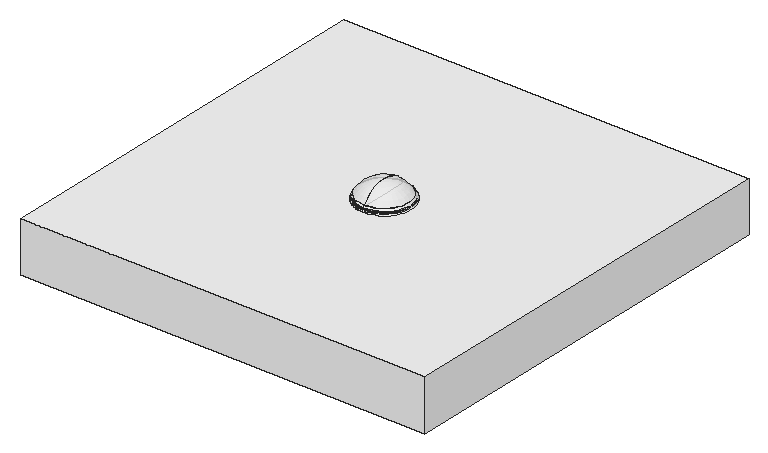
Revit family "Sarlam_Eclairage_Hublot_Astreo_T1_Diam_330mm_1400Lm", category Luminaires, Revit 2020
Family settings
  Hôte = Face
  Cote de connecteur circulaire = Utiliser le diamètre
  Type d'élément = Normal
  Couper avec des vides une fois chargée = Non
  Source d'éclairage = Oui
  Partagée = Non
  Point de calcul de pièce = Non
Parameters (values of type "Détection BLANC")
  Zone plafond formes 8à9 [instance] = and(Diamètre externe = 328 mm, or(Standard Forme 8), not([Afficher la zone de détection-pose murale]), [Afficher la zone de détection-pose plafond])  # no
  Zone murale formes 8à9 [instance] = and(Diamètre externe = 328 mm, or(Standard Forme 8), [Afficher la zone de détection-pose murale], not([Afficher la zone de détection-pose plafond]))  # no
  Zone de détection = "Détection à 2,5m haut Plafond: Ø12m maxi Mur: Ellipse 10*8m"
  URL = "http://www.legrandoc.com/SL532187"
  Type de variation = "Non régulable"
  Type de tension = "CA"
  Tension nominale (Un) V MIN = 207
  Tension nominale (Un) V MAX = 253
  built-in parameter 1150107 = 3200 (stored number, unit not read)
  Température de couleur K MIN = 4000
  Température de couleur K MAX = 4000
  Standard Forme 8 = yes
  Source lumineuse = "Led non interchangeable"
  Répartition lumineuse = "Symétrique"
  Puissance du système W = 16
  Puissance de la source lumineuse W = ""
  Puissance de la lampe en Multiwatt = "Autre"
  Wattage = 9.2903 W
  built-in parameter 1150110 = 1 (stored number, unit not read)
  built-in parameter 1150109 = 1 (stored number, unit not read)
  built-in parameter 1114218 = 1 (stored number, unit not read)
  built-in parameter 1150113 = 1 (stored number, unit not read)
  built-in parameter 1150112 = 1 (stored number, unit not read)
  built-in parameter 1150137 = (empty or 0)
  built-in parameter 1150132 = (empty or 0)
  Modèle = "SL-532187"
  Longueur d'encastrement = 0 mm
  Longueur = 328 mm
  Largeur d'encastrement = 328 mm
  Largeur = 328 mm
  built-in parameter 1150105 = 109.82 (stored number, unit not read)
  built-in parameter 1150102 = (empty or 0)
  Hauteur/profondeur d'encastrement = 0 mm
  Hauteur/profondeur = 107 mm
  Dimming Lamp Color Temperature Shift = (empty or 0)
  Lumens = 1380 lm
  Color Filter = 16777215
  Fichier de distribution photométrique = "SL532182.ies"
  built-in parameter 1114217 = 1 (stored number, unit not read)
  built-in parameter 1150139 = (empty or 0)
  Fabricant = "LEGRAND"
  Emettre à partir du diamètre du cercle = 250 mm
  Emettre la visibilité des formes dans le rendu = no
  built-in parameter 1150104 = 13.8 (stored number, unit not read)
  built-in parameter 1150106 = 1.0982 (stored number, unit not read)
  built-in parameter 1150115 = 1 (stored number, unit not read)
  built-in parameter 1150114 = 1 (stored number, unit not read)
  Diamètre externe = 328 mm
  Diamètre d'encastrement = 0 mm
  Description = "ASTREO 1400LM 4000K  STANDARD DETECTION BLANC"
  built-in parameter 1150138 = (empty or 0)
  built-in parameter 1150134 = 3
  Condition Générale d'Utilisation = "https://export.legrand.com/CGU-objets-BIM"
  Angle de l'inclinaison = 0.00°
  Afficher la zone de détection-pose plafond [instance] = no
  Afficher la zone de détection-pose murale [instance] = no
  Matériau du boîtier/corps = Plastique
  Indice de rendu des couleurs CRI = "80-89"
  Indice de protection contre les chocs (IK) = "IK07"
  Indice de protection (IP) = "IP44"
  Flux lumineux utile lm = 1400
  Default Elevation = 2500 mm
  Douille = "Sans"
  Courant nominal mA MIN = 84
  Courant nominal mA MAX = 160
  Couleur du boîtier/corps = LEGRAND - Blanc
  Classe de protection = "II"
  Avec détecteur de mouvement = yes
  Avec détecteur crépusculaire = no
  Appareillage = "Appareil à LED commandé en courant"
  Angle du faisceau = "Faisceau libre"
  Afficher l'étiquette de zone [instance] = no
  Adapté à une suspension = no
  Adapté à un montage encastré = no
  Adapté à un montage en saillie = yes
  Adapté à un montage en applique = yes
  Adapté à un montage au plafond = yes
  built-in parameter 1150133 = 10 (stored number, unit not read)
Types (4, lengths in mm): name | Zone de détection | URL | Puissance du système W | Modèle | Description | Couleur du boîtier/corps | Avec détecteur de mouvement
  ON/OFF BLANC | "" | "http://www.legrandoc.com/SL532182" | 15 | "SL-532182" | "ASTREO 1400LM 4000K  STANDARD ON/OFF BLANC" | LEGRAND - Blanc | no
  ON/OFF ANTHRACITE | "" | "http://www.legrandoc.com/SL532183" | 15 | "SL-532183" | "ASTREO 1400LM 4000K  STANDARD ON/OFF ANTHRACITE" | LEGRAND - Anthracite | no
  Détection BLANC | "Détection à 2,5m haut Plafond: Ø12m maxi Mur: Ellipse 10*8m" | "http://www.legrandoc.com/SL532187" | 16 | "SL-532187" | "ASTREO 1400LM 4000K  STANDARD DETECTION BLANC" | LEGRAND - Blanc | yes
  Détection ANTHRACITE | "Détection à 2,5m haut Plafond: Ø12m maxi Mur: Ellipse 10*8m" | "http://www.legrandoc.com/SL532188" | 16 | "SL-532188" | "ASTREO 1400LM 4000K  STANDARD DETECTION ANTHRACITE" | LEGRAND - Anthracite | yes
Reference planes
  plane 1 "Centre (avant/arrière)": y = 0
  plane 2: z = 0
  plane 3 "Centre (gauche/droite)": x = 0
  plane 4: z = 127
Forms (mm)
  Extrusion 1, solid, material "Blanc"
    sketch origin (0, 0, 0) x (1, 0, 0) y (0, 1, 0)
      loop
        line (-1219.2, 1219.2) -> (-1219.2, -1219.2) -> (1219.2, -1219.2) -> (1219.2, 1219.2) -> (-1219.2, 1219.2)
    from 0 to -304.8
Lines and regions (mm)
  model lines, not visible
    curve 1: line (0, 0, 0) -> (0, 0, 2230)
    curve 2: line (0, 0, 0) -> (0, 3300, 0)
    curve 3: line (0, 0, 0) -> (-2620, 0, 0)
Dimensions and locks
  level to plane 4 = 127 mm
  aligned and locked: plane 2 to Extrusion 1
  aligned and locked: level to Extrusion 1
  aligned and locked: imposter light to plane 4
  aligned and locked: plane 3 "Centre (gauche/droite)" to imposter light
Nested families
  nested 1: "Zone de détection murale Chartres-Astreo" at (0, 0, 0) x (0, 0, 1) z (0, -1, 0), visible <- "Afficher la zone de détection-pose murale", type "Zone de détection murale"
  nested 2: "Formes 1-2-3-4-6-7-8-9" at (0, 0, 0), type "Formes"
    with Standard Forme 8 yes
  nested 3: "Zone de détection plafond Chartres-Astreo" at (0, 0, 2500), visible <- "Afficher la zone de détection-pose plafond", type "Zone de détection plafond"
    with Zone plafond Formes 8à9 no
  nested 4: "Zone de détection murale Chartres-Astreo" at (0, 0, 0) x (0, 0, 1) z (1, 0, 0), visible <- "Afficher la zone de détection-pose murale", type "Zone de détection murale"
  nested 5: "Etiquette de zone" at (0, 424.442, 0), visible <- "Afficher l'étiquette de zone", type "Etiquette de zone"
Connectors
  electrical at (0, 0, 0)
    settings: on nested 2, index 1, voltage 230 V, apparent load 0 VA, apparent load phase1 0 VA, apparent load phase2 0 VA, apparent load phase3 0 VA, power factor 1, load classification "Eclairage", number of poles 1, system type 30, power factor state 1, is connector primary yes, connector utility no, sub classification motor no, connector description ""
Definition of nested family "Formes 1-2-3-4-6-7-8-9"
  Parameters (values of type "Formes")
    Standard Forme 8 = no
    Standard Formes 1-3-6 = no
    Matériau hublot = none
    Matériau corps = none
    Fl = if(Diamètre total < 325 mm, 70 mm, if(Diamètre total = 328 mm, 107 mm, 90 mm))  # 107 mm
    Default Elevation = 0 mm
    Dimension hublot = if(Diamètre total = 300 mm, 121.1 mm, if(Diamètre total = 322 mm, 129.3 mm, if(Diamètre total = 328 mm, 148.6 mm, if(Diamètre total = 420 mm, 179.2 mm, 185.3 mm))))  # 148.6 mm
    Diamètre total = 328 mm
    Courbure = if(Diamètre total = 300 mm, 195.7 mm, if(Diamètre total = 322 mm, 220.2 mm, if(Diamètre total = 328 mm, 179.2 mm, if(Diamètre total = 420 mm, 290 mm, 307.8 mm))))  # 179.2 mm
    Couleur corps = none
    Antivandale Forme 9 = no
    Antivandale Formes 2-4-7 = no
  Reference planes
    plane 1 "Centre (avant/arrière)": y = 0
    plane 2: z = 0
    plane 3 "Centre (gauche/droite)": x = 0
    plane 4: y = 164
    plane 5: y = -164
    plane 6: y = 148.6
  Forms (mm)
    Revolve 1, solid, material <- "Matériau hublot"
      sketch origin (0, 0, 0) x (0, 0, -1) y (0, 1, 0)
        loop
          arc (-28, 148.6) -> (-86.03, 84.151) -> (-107, 0) r 179.2
          line (-107, 0) -> (-28, 0) -> (-28, 148.6)
        axis (-28, 0) -> (-107, 0)
      angle from 0 to 360
  Dimensions and locks
    equal spacing: plane 4, plane 1 "Centre (avant/arrière)", plane 5
    "Diamètre total": plane 4 to plane 5
    equal spacing: plane 5, plane 1 "Centre (avant/arrière)", plane 4
    "Dimension hublot": plane 1 "Centre (avant/arrière)" to plane 6
    "Fl": Revolve 1 sketch curve to plane 2
    "Courbure": radius of Revolve 1 sketch curve
    aligned and locked: level to plane 2
    aligned and locked: plane 6 to Revolve 1 sketch curve
    aligned and locked: plane 2 to nested 2
  Automatic sketch dimensions
    Revolve 1 sketch curve to plane 1 "Centre (avant/arrière)" = 0 mm  (x2)
    level to Revolve 1 sketch curve = 28 mm
    Revolve 1 sketch curve to Revolve 1 sketch curve = 1811.469 mm
    Revolve 1 sketch curve to Revolve 1 sketch curve = 1147.22 mm
  Nested families
    nested 1: "Corps standard Formes 1-3-6" at (0, 0, 0), visible <- "Standard Formes 1-3-6", type "Corps standard Formes 1-3-6"
      with Diamètre 328 mm
    nested 2: "Corps antivandale Formes 2-4-7" at (0, 0, 0), visible <- "Antivandale Formes 2-4-7", type "Corps antivandale Formes 2-4-7"
      with Diamètre 328 mm
    nested 3: "Corps standard Forme 8" at (0, 0, 0), visible <- "Standard Forme 8", type "Corps standard Forme 8"
    nested 4: "Corps antivandale Forme 9" at (0, 0, 0), visible <- "Antivandale Forme 9", type "Corps antivandale Forme 9"
  Definition of nested family "Corps standard Formes 1-3-6"
    Parameters (values of type "Corps standard")
      Matériau corps = none
      Default Elevation = 0 mm
      Couleur corps = none
      Diamètre = 322 mm
      Courbure = if(Diamètre < 400 mm, 195.7 mm, 290 mm)  # 195.7 mm
    Reference planes
      plane 1 "Centre (avant/arrière)": y = 0
      plane 2: z = 0
      plane 3 "Centre (gauche/droite)": x = 0
      plane 4: y = 161
      plane 5: y = -161
      plane 6: z = 28
    Forms (mm)
      Revolve 1, solid, material <- "Couleur corps"
        sketch origin (0, 0, 0) x (0, 0, -1) y (0, 1, 0)
          loop
            line (0, 0) -> (0, 161)
            arc (0, 161) -> (-14.55, 149.906) -> (-28, 137.502) r 195.7
            line (-28, 137.502) -> (-28, 0) -> (0, 0)
          axis (0, 0) -> (-28, 0)
        angle from 0 to 360
    Dimensions and locks
      equal spacing: plane 4, plane 1 "Centre (avant/arrière)", plane 5
      "Diamètre": plane 4 to plane 5
      equal spacing: plane 5, plane 1 "Centre (avant/arrière)", plane 4
      "Courbure": radius of Revolve 1 sketch curve
      aligned and locked: level to plane 2
      aligned and locked: plane 2 to Revolve 1  (x2)
      aligned and locked: Revolve 1 to plane 2
      aligned and locked: plane 6 to Revolve 1
    Automatic sketch dimensions
      Revolve 1 sketch curve to plane 1 "Centre (avant/arrière)" = 0 mm  (x3)
      Revolve 1 sketch curve to plane 6 = 0 mm
      Revolve 1 sketch curve to level = 0 mm
      Revolve 1 sketch curve to plane 4 = 0 mm
      plane 6 to Revolve 1 sketch curve = 1833.51 mm
      Revolve 1 sketch curve to Revolve 1 sketch curve = 1167.217 mm
  Definition of nested family "Corps antivandale Formes 2-4-7"
    Parameters (values of type "Corps antivandale")
      Rayon réseau vis = if(Diamètre < 400 mm, 137.2 mm, 193.2 mm)  # 137.2 mm
      Matériau corps = none
      Default Elevation = 0 mm
      Diamètre = 322 mm
      Courbure = if(Diamètre < 400 mm, 220.2 mm, 307.8 mm)  # 220.2 mm
      Couleur corps = none
    Reference planes
      plane 1 "Centre (avant/arrière)": y = 0
      plane 2: z = 0
      plane 3 "Centre (gauche/droite)": x = 0
      plane 4: y = 161
      plane 5: y = -161
      plane 6: z = 28
      plane 7: through (0, 0, 1200) normal (0.5, 0.866, 0)
      plane 8: through (0, 0, 1200) normal (0.5, -0.866, 0)
    Forms (mm)
      Revolve 1, solid, material <- "Couleur corps"
        sketch origin (0, 0, 0) x (0, 0, -1) y (0, 1, 0)
          loop
            line (0, 0) -> (0, 161)
            arc (0, 161) -> (-14.762, 145.835) -> (-28, 129.323) r 220.2
            line (-28, 129.323) -> (-28, 0) -> (0, 0)
          axis (0, 0) -> (-28, 0)
        angle from 0 to 360
      Extrusion 2, solid, material <- "Couleur corps"
        sketch origin (0, -0.04, 0) x (1, 0, 0) y (0, 1, 0)
          loop
            line (-4, 129.32) -> (-4, 137.3)
            arc (-4, 137.3) -> (0, 141.3) -> (4, 137.3) r 4
            line (4, 137.3) -> (4, 129.32)
            arc (4, 129.32) -> (5, 129.285) -> (6, 129.243) r 129.323
            line (6, 129.243) -> (6, 137.3)
            arc (6, 137.3) -> (0, 143.3) -> (-6, 137.3) r 6
            line (-6, 137.3) -> (-6, 129.243)
            arc (-6, 129.243) -> (-5, 129.285) -> (-4, 129.32) r 129.323
        from 15.189 to 28
      Extrusion 3, solid, material <- "Couleur corps"
        sketch origin (-0.035, 0.02, 0) x (-0.5, -0.866025, 0) y (0.866025, -0.5, 0)
          loop
            line (-4, 129.32) -> (-4, 137.3)
            arc (-4, 137.3) -> (0, 141.3) -> (4, 137.3) r 4
            line (4, 137.3) -> (4, 129.32)
            arc (4, 129.32) -> (5, 129.285) -> (6, 129.243) r 129.323
            line (6, 129.243) -> (6, 137.3)
            arc (6, 137.3) -> (0, 143.3) -> (-6, 137.3) r 6
            line (-6, 137.3) -> (-6, 129.243)
            arc (-6, 129.243) -> (-5, 129.285) -> (-4, 129.32) r 129.323
        from 15.189 to 28
      Extrusion 4, solid, material <- "Couleur corps"
        sketch origin (0.035, 0.02, 0) x (-0.5, 0.866025, 0) y (-0.866025, -0.5, 0)
          loop
            line (-4, 129.32) -> (-4, 137.3)
            arc (-4, 137.3) -> (0, 141.3) -> (4, 137.3) r 4
            line (4, 137.3) -> (4, 129.32)
            arc (4, 129.32) -> (5, 129.285) -> (6, 129.243) r 129.323
            line (6, 129.243) -> (6, 137.3)
            arc (6, 137.3) -> (0, 143.3) -> (-6, 137.3) r 6
            line (-6, 137.3) -> (-6, 129.243)
            arc (-6, 129.243) -> (-5, 129.285) -> (-4, 129.32) r 129.323
        from 15.189 to 28
      Revolve 5, solid
        sketch origin (0, 0.018, -12.656) x (0, 1, 0) y (0, 0, 1)
          loop
            line (136.525, 38.942) -> (136.525, 29.094) -> (136.962, 29.907) -> (137.751, 35.518) -> (140.148, 38.942) -> (136.525, 38.942)
          axis (136.525, 29.094) -> (136.525, 38.942)
        angle from 0 to 360
      Revolve 6, solid
        sketch origin (0.016, -0.009, -12.656) x (0.866025, -0.5, 0) y (0, 0, 1)
          loop
            line (136.525, 38.942) -> (136.525, 29.094) -> (136.962, 29.907) -> (137.751, 35.518) -> (140.148, 38.942) -> (136.525, 38.942)
          axis (136.525, 29.094) -> (136.525, 38.942)
        angle from 0 to 360
      Revolve 7, solid
        sketch origin (-0.016, -0.009, -12.656) x (-0.866025, -0.5, 0) y (0, 0, 1)
          loop
            line (136.525, 38.942) -> (136.525, 29.094) -> (136.962, 29.907) -> (137.751, 35.518) -> (140.148, 38.942) -> (136.525, 38.942)
          axis (136.525, 29.094) -> (136.525, 38.942)
        angle from 0 to 360
    Cuts and joins
      joined: Revolve 1, Extrusion 2
    Lines and regions (mm)
      model lines
        curve 1: line (-2.5, 136.543, 26.285) -> (2.5, 136.543, 26.285)
        curve 2: line (0, 138.995, 26.285) -> (0, 133.995, 26.285)
        curve 3: line (119.5, -66.107, 26.285) -> (117, -70.437, 26.285)
        curve 4: line (120.373, -69.497, 26.285) -> (116.043, -66.997, 26.285)
        curve 5: line (-117, -70.437, 26.285) -> (-119.5, -66.107, 26.285)
        curve 6: line (-120.373, -69.497, 26.285) -> (-116.043, -66.997, 26.285)
    Dimensions and locks
      equal spacing: plane 4, plane 1 "Centre (avant/arrière)", plane 5
      "Diamètre": plane 4 to plane 5
      equal spacing: plane 5, plane 1 "Centre (avant/arrière)", plane 4
      "Courbure": radius of Revolve 1 sketch curve
      "Rayon réseau vis": radius of radial array
      aligned and locked: level to plane 2
      aligned and locked: plane 2 to Revolve 1  (x2)
      aligned and locked: Revolve 1 to plane 2
      aligned and locked: plane 6 to Revolve 1
    Automatic sketch dimensions
      Extrusion 2 sketch curve to Extrusion 2 sketch curve = 0 mm  (x9)
      Extrusion 2 sketch curve to Extrusion 2 sketch curve = 7.98 mm
      Extrusion 2 sketch curve to Extrusion 2 sketch curve = 0.077 mm
      Extrusion 2 sketch curve to Extrusion 2 sketch curve = 2 mm
      Extrusion 2 sketch curve to Extrusion 2 sketch curve = 4 mm
      Extrusion 2 sketch curve to Extrusion 2 sketch curve = 6 mm
      Extrusion 3 sketch curve to Extrusion 3 sketch curve = 0 mm  (x9)
      Extrusion 3 sketch curve to Extrusion 3 sketch curve = 7.98 mm
      Extrusion 3 sketch curve to Extrusion 3 sketch curve = 0.077 mm
      Extrusion 3 sketch curve to Extrusion 3 sketch curve = 2 mm
      Extrusion 3 sketch curve to Extrusion 3 sketch curve = 4 mm
      Extrusion 3 sketch curve to Extrusion 3 sketch curve = 6 mm
      Extrusion 4 sketch curve to Extrusion 4 sketch curve = 0 mm  (x9)
      Extrusion 4 sketch curve to Extrusion 4 sketch curve = 7.98 mm
      Extrusion 4 sketch curve to Extrusion 4 sketch curve = 0.077 mm
      Extrusion 4 sketch curve to Extrusion 4 sketch curve = 2 mm
      Extrusion 4 sketch curve to Extrusion 4 sketch curve = 4 mm
      Extrusion 4 sketch curve to Extrusion 4 sketch curve = 6 mm
      Revolve 7 sketch curve to Revolve 7 sketch curve = 0.437 mm  (x2)
      Revolve 7 sketch curve to Revolve 7 sketch curve = 1.226 mm  (x2)
      Revolve 7 sketch curve to Revolve 7 sketch curve = 2.397 mm
      Revolve 7 sketch curve to Revolve 7 sketch curve = 0.813 mm  (x2)
      Revolve 7 sketch curve to Revolve 7 sketch curve = 5.611 mm  (x2)
      Revolve 7 sketch curve to Revolve 7 sketch curve = 3.424 mm  (x2)
      Revolve 7 sketch curve to Revolve 7 sketch curve = 0 mm  (x2)
      Revolve 7 sketch curve to Revolve 7 sketch curve = 0.975 mm
      Revolve 7 sketch curve to Revolve 7 sketch curve = 3.281 mm  (x2)
      Revolve 5 sketch curve to Revolve 5 sketch curve = 0.437 mm  (x2)
      Revolve 5 sketch curve to Revolve 5 sketch curve = 1.226 mm  (x2)
      Revolve 5 sketch curve to Revolve 5 sketch curve = 3.623 mm
      Revolve 5 sketch curve to Revolve 5 sketch curve = 5.611 mm  (x2)
      Revolve 5 sketch curve to Revolve 5 sketch curve = 3.424 mm  (x2)
      Revolve 5 sketch curve to Revolve 5 sketch curve = 0 mm  (x2)
      Revolve 5 sketch curve to Revolve 5 sketch curve = 0.813 mm  (x2)
      Revolve 5 sketch curve to Revolve 5 sketch curve = 0.162 mm
      Revolve 5 sketch curve to Revolve 5 sketch curve = 3.281 mm  (x2)
      Revolve 6 sketch curve to Revolve 6 sketch curve = 0.437 mm  (x2)
      Revolve 6 sketch curve to Revolve 6 sketch curve = 1.226 mm  (x2)
      Revolve 6 sketch curve to Revolve 6 sketch curve = 3.623 mm
      Revolve 6 sketch curve to Revolve 6 sketch curve = 5.611 mm  (x2)
      Revolve 6 sketch curve to Revolve 6 sketch curve = 3.424 mm  (x2)
      Revolve 6 sketch curve to Revolve 6 sketch curve = 0 mm  (x2)
      Revolve 6 sketch curve to Revolve 6 sketch curve = 0.813 mm  (x2)
      Revolve 6 sketch curve to Revolve 6 sketch curve = 0.162 mm
      Revolve 6 sketch curve to Revolve 6 sketch curve = 3.281 mm  (x2)
      Revolve 7 sketch curve to Revolve 7 sketch curve = 3.623 mm
      Revolve 7 sketch curve to Revolve 7 sketch curve = 0.162 mm
      curve 2 to Revolve 5 = 0 mm
      curve 2 to curve 1 = 2.548 mm
      curve 1 to curve 2 = 2.452 mm
      Revolve 5 to curve 1 = 2.5 mm
      curve 1 to Revolve 5 = 2.5 mm
      curve 4 to Revolve 6 = 0 mm
      curve 4 to curve 3 = 2.548 mm
      curve 3 to curve 4 = 2.452 mm
      Revolve 6 to curve 3 = 2.5 mm
      curve 3 to Revolve 6 = 2.5 mm
      curve 6 to Revolve 7 = 0 mm
      curve 6 to curve 5 = 2.548 mm
      curve 5 to curve 6 = 2.452 mm
      Revolve 7 to curve 5 = 2.5 mm
      curve 5 to Revolve 7 = 2.5 mm
      Revolve 5 sketch curve to Revolve 5 sketch curve = 2.397 mm
      Revolve 5 sketch curve to Revolve 5 sketch curve = 0.975 mm
      Revolve 6 sketch curve to Revolve 6 sketch curve = 2.397 mm
      Revolve 6 sketch curve to Revolve 6 sketch curve = 0.975 mm
      Revolve 1 sketch curve to plane 1 "Centre (avant/arrière)" = 0 mm  (x3)
      Revolve 1 sketch curve to plane 6 = 0 mm
      Revolve 1 sketch curve to level = 0 mm
      Revolve 1 sketch curve to plane 4 = 0 mm
      plane 6 to Revolve 1 sketch curve = 1833.51 mm
      Revolve 1 sketch curve to Revolve 1 sketch curve = 1128.321 mm
  Definition of nested family "Corps standard Forme 8"
    Parameters (values of type "Corps standard Forme 8")
      Matériau corps = none
      Default Elevation = 0 mm
      Couleur corps = none
      Diamètre = 328 mm
    Reference planes
      plane 1 "Centre (avant/arrière)": y = 0
      plane 2: z = 0
      plane 3 "Centre (gauche/droite)": x = 0
      plane 4: y = 164
      plane 5: y = -164
      plane 6: z = 28
      plane 7: y = 7.5
      plane 8: y = -7.5
    Forms (mm)
      Revolve 1, solid, material <- "Couleur corps"
        sketch origin (0, 0, 0) x (0, 0, -1) y (0, 1, 0)
          loop
            line (0, 0) -> (0, 164)
            arc (0, 164) -> (-14.345, 156.905) -> (-28, 148.559) r 179.182
            line (-28, 148.559) -> (-28, 0) -> (0, 0)
          axis (0, 0) -> (-28, 0)
        angle from 0 to 360
      Sweep 2, void
        path origin (0, 0, 0) x (1, 0, 0) y (0, 1, 0)
          loop
            arc (153.049, 7.5) -> (0, 153.232) -> (-153.049, 7.5) r 153.232
        profile origin (0, 153.232, 0) x (0, -1, 0) y (0, 0, 1)
          loop
            line (-5.469, 6.213) -> (-10.469, 16.465) -> (-10.469, 6.213) -> (-5.469, 6.213)
      Sweep 3, void
        path origin (0, 0, 0) x (1, 0, 0) y (0, 1, 0)
          loop
            arc (153.049, 7.5) -> (0, 153.232) -> (-153.049, 7.5) r 153.232
        profile origin (0, 153.232, 0) x (0, -1, 0) y (0, 0, 1)
          loop
            line (-1.643, 13.471) -> (-6.643, 23.723) -> (-6.643, 13.471) -> (-1.643, 13.471)
      Sweep 4, void
        path origin (0, 0, 0) x (1, 0, 0) y (0, -1, 0)
          loop
            arc (153.049, 7.5) -> (0, 153.232) -> (-153.049, 7.5) r 153.232
        profile origin (0, -153.232, 0) x (0, -1, 0) y (0, 0, 1)
          loop
            line (1.643, 13.471) -> (6.643, 13.471) -> (6.643, 23.723) -> (1.643, 13.471)
      Sweep 5, void
        path origin (0, 0, 0) x (1, 0, 0) y (0, -1, 0)
          loop
            arc (153.049, 7.5) -> (0, 153.232) -> (-153.049, 7.5) r 153.232
        profile origin (0, -153.232, 0) x (0, -1, 0) y (0, 0, 1)
          loop
            line (5.469, 6.213) -> (10.469, 6.213) -> (10.469, 16.465) -> (5.469, 6.213)
    Cuts and joins
      Sweep 2, Sweep 3, Sweep 4, Sweep 5 cuts Revolve 1
    Dimensions and locks
      equal spacing: plane 4, plane 1 "Centre (avant/arrière)", plane 5
      "Diamètre": plane 4 to plane 5
      equal spacing: plane 5, plane 1 "Centre (avant/arrière)", plane 4
      aligned and locked: level to plane 2
      aligned and locked: plane 2 to Revolve 1  (x2)
      aligned and locked: Revolve 1 to plane 2
      aligned and locked: plane 6 to Revolve 1
    Automatic sketch dimensions
      Sweep 2 sketch curve to plane 7 = 0 mm  (x2)
      plane 1 "Centre (avant/arrière)" to Sweep 2 sketch curve = 0 mm
      Sweep 2 sketch curve to plane 3 "Centre (gauche/droite)" = 0 mm
      Sweep 2 sketch curve to plane 3 "Centre (gauche/droite)" = 153.049 mm
      Sweep 3 sketch curve to plane 7 = 0 mm  (x2)
      plane 1 "Centre (avant/arrière)" to Sweep 3 sketch curve = 0 mm
      Sweep 3 sketch curve to plane 3 "Centre (gauche/droite)" = 0 mm
      Sweep 3 sketch curve to plane 3 "Centre (gauche/droite)" = 153.049 mm
      Sweep 4 sketch curve to plane 8 = 0 mm  (x2)
      plane 1 "Centre (avant/arrière)" to Sweep 4 sketch curve = 0 mm
      Sweep 4 sketch curve to plane 3 "Centre (gauche/droite)" = 0 mm
      plane 3 "Centre (gauche/droite)" to Sweep 4 sketch curve = 153.049 mm
      Sweep 5 sketch curve to plane 8 = 0 mm  (x2)
      plane 1 "Centre (avant/arrière)" to Sweep 5 sketch curve = 0 mm
      Sweep 5 sketch curve to plane 3 "Centre (gauche/droite)" = 0 mm
      plane 3 "Centre (gauche/droite)" to Sweep 5 sketch curve = 153.049 mm
      Revolve 1 sketch curve to plane 1 "Centre (avant/arrière)" = 0 mm  (x3)
      Revolve 1 sketch curve to plane 6 = 0 mm
      Revolve 1 sketch curve to level = 0 mm
      Revolve 1 sketch curve to plane 4 = 0 mm
      Revolve 1 sketch curve to Revolve 1 sketch curve = 72.182 mm
      plane 6 to Revolve 1 sketch curve = 1833.51 mm
      Revolve 1 sketch curve to Revolve 1 sketch curve = 1201.817 mm
      profile plane to Sweep 2 sketch curve = 10.469 mm
      Sweep 2 sketch curve to Sweep 2 sketch curve = 5 mm
      level to Sweep 2 sketch curve = 6.213 mm
      Sweep 2 sketch curve to Sweep 2 sketch curve = 10.252 mm
      profile plane to Sweep 3 sketch curve = 6.643 mm
      profile plane to Sweep 3 sketch curve = 1.643 mm
      level to Sweep 3 sketch curve = 13.471 mm
      Sweep 3 sketch curve to Sweep 3 sketch curve = 10.252 mm
      Sweep 4 sketch curve to profile plane = 1.643 mm
      Sweep 4 sketch curve to profile plane = 6.643 mm
      level to Sweep 4 sketch curve = 13.471 mm
      Sweep 4 sketch curve to Sweep 4 sketch curve = 10.252 mm
      Sweep 5 sketch curve to profile plane = 5.469 mm
      Sweep 5 sketch curve to profile plane = 10.469 mm
      level to Sweep 5 sketch curve = 6.213 mm
      Sweep 5 sketch curve to Sweep 5 sketch curve = 10.252 mm
  Definition of nested family "Corps antivandale Forme 9"
    Parameters (values of type "Corps antivandale Forme 9")
      Matériau corps = none
      Default Elevation = 0 mm
      Couleur corps = none
      Diamètre = 328 mm
    Reference planes
      plane 1 "Centre (avant/arrière)": y = 0
      plane 2: z = 0
      plane 3 "Centre (gauche/droite)": x = 0
      plane 4: y = 164
      plane 5: y = -164
      plane 6: z = 28
      plane 7: y = 7.5
      plane 8: y = -7.5
    Forms (mm)
      Revolve 1, solid, material <- "Couleur corps"
        sketch origin (0, 0, 0) x (0, 0, -1) y (0, 1, 0)
          loop
            line (0, 0) -> (0, 164)
            arc (0, 164) -> (-14.345, 156.905) -> (-28, 148.559) r 179.182
            line (-28, 148.559) -> (-28, 0) -> (0, 0)
          axis (0, 0) -> (-28, 0)
        angle from 0 to 360
      Extrusion 2, void
        sketch origin (-1.406, 0, 0) x (1, 0, 0) y (0, 1, 0)
          loop
            circle (157.486, 0) r 5
        from 5.665 to 28
      Sweep 3, void
        path origin (0, 0, 0) x (1, 0, 0) y (0, 1, 0)
          loop
            arc (153.049, 7.5) -> (0, 153.232) -> (-153.049, 7.5) r 153.232
        profile origin (0, 153.232, 0) x (0, -1, 0) y (0, 0, 1)
          loop
            line (-5.469, 6.213) -> (-10.469, 16.465) -> (-10.469, 6.213) -> (-5.469, 6.213)
      Extrusion 4, void
        sketch origin (1.406, 0, 0) x (-1, 0, 0) y (0, -1, 0)
          loop
            circle (157.486, 0) r 5
        from 5.665 to 28
      Sweep 5, void
        path origin (0, 0, 0) x (1, 0, 0) y (0, 1, 0)
          loop
            arc (153.049, 7.5) -> (0, 153.232) -> (-153.049, 7.5) r 153.232
        profile origin (0, 153.232, 0) x (0, -1, 0) y (0, 0, 1)
          loop
            line (-1.643, 13.471) -> (-6.643, 23.723) -> (-6.643, 13.471) -> (-1.643, 13.471)
      Sweep 6, void
        path origin (0, 0, 0) x (1, 0, 0) y (0, -1, 0)
          loop
            arc (153.049, 7.5) -> (0, 153.232) -> (-153.049, 7.5) r 153.232
        profile origin (0, -153.232, 0) x (0, -1, 0) y (0, 0, 1)
          loop
            line (1.643, 13.471) -> (6.643, 13.471) -> (6.643, 23.723) -> (1.643, 13.471)
      Sweep 7, void
        path origin (0, 0, 0) x (1, 0, 0) y (0, -1, 0)
          loop
            arc (153.049, 7.5) -> (0, 153.232) -> (-153.049, 7.5) r 153.232
        profile origin (0, -153.232, 0) x (0, -1, 0) y (0, 0, 1)
          loop
            line (5.469, 6.213) -> (10.469, 6.213) -> (10.469, 16.465) -> (5.469, 6.213)
      Revolve 8, solid
        sketch origin (-156.149, -136.533, -30.469) x (0, 1, 0) y (0, 0, 1)
          loop
            line (136.525, 38.942) -> (136.525, 31.651) -> (137.319, 32.445) -> (137.923, 36.741) -> (139.106, 38.942) -> (136.525, 38.942)
          axis (136.525, 31.651) -> (136.525, 38.942)
        angle from 0 to 360
      Revolve 9, solid
        sketch origin (156.149, -136.533, -30.469) x (0, 1, 0) y (0, 0, -1)
          loop
            line (136.525, -38.942) -> (139.106, -38.942) -> (137.923, -36.741) -> (137.319, -32.445) -> (136.525, -31.651) -> (136.525, -38.942)
          axis (136.525, -31.651) -> (136.525, -38.942)
        angle from 0 to 360
    Cuts and joins
      Extrusion 2, Sweep 3, Extrusion 4, Sweep 5, Sweep 6, Sweep 7 cuts Revolve 1
    Lines and regions (mm)
      model lines
        curve 1: line (-156.149, 1.39, 8.473) -> (-156.149, -1.406, 8.473)
        curve 2: line (-157.503, 0, 8.473) -> (-154.615, 0, 8.473)
        curve 3: line (156.149, 1.39, 8.473) -> (156.149, -1.406, 8.473)
        curve 4: line (157.503, 0, 8.473) -> (154.615, 0, 8.473)
    Dimensions and locks
      equal spacing: plane 4, plane 1 "Centre (avant/arrière)", plane 5
      "Diamètre": plane 4 to plane 5
      equal spacing: plane 5, plane 1 "Centre (avant/arrière)", plane 4
      aligned and locked: level to plane 2
      aligned and locked: plane 2 to Revolve 1  (x2)
      aligned and locked: Revolve 1 to plane 2
      aligned and locked: plane 6 to Revolve 1
    Automatic sketch dimensions
      plane 1 "Centre (avant/arrière)" to Extrusion 2 sketch curve = 0 mm
      plane 3 "Centre (gauche/droite)" to Extrusion 2 sketch curve = 156.08 mm
      Sweep 3 sketch curve to plane 7 = 0 mm  (x2)
      plane 1 "Centre (avant/arrière)" to Sweep 3 sketch curve = 0 mm
      Sweep 3 sketch curve to plane 3 "Centre (gauche/droite)" = 0 mm
      Sweep 3 sketch curve to plane 3 "Centre (gauche/droite)" = 153.049 mm
      plane 1 "Centre (avant/arrière)" to Extrusion 4 sketch curve = 0 mm
      plane 3 "Centre (gauche/droite)" to Extrusion 4 sketch curve = 156.08 mm
      Sweep 5 sketch curve to plane 7 = 0 mm  (x2)
      plane 1 "Centre (avant/arrière)" to Sweep 5 sketch curve = 0 mm
      Sweep 5 sketch curve to plane 3 "Centre (gauche/droite)" = 0 mm
      Sweep 5 sketch curve to plane 3 "Centre (gauche/droite)" = 153.049 mm
      Sweep 6 sketch curve to plane 8 = 0 mm  (x2)
      plane 1 "Centre (avant/arrière)" to Sweep 6 sketch curve = 0 mm
      Sweep 6 sketch curve to plane 3 "Centre (gauche/droite)" = 0 mm
      plane 3 "Centre (gauche/droite)" to Sweep 6 sketch curve = 153.049 mm
      Sweep 7 sketch curve to plane 8 = 0 mm  (x2)
      plane 1 "Centre (avant/arrière)" to Sweep 7 sketch curve = 0 mm
      Sweep 7 sketch curve to plane 3 "Centre (gauche/droite)" = 0 mm
      plane 3 "Centre (gauche/droite)" to Sweep 7 sketch curve = 153.049 mm
      Revolve 1 sketch curve to plane 1 "Centre (avant/arrière)" = 0 mm  (x3)
      Revolve 1 sketch curve to plane 6 = 0 mm
      Revolve 1 sketch curve to level = 0 mm
      Revolve 1 sketch curve to plane 4 = 0 mm
      Revolve 1 sketch curve to Revolve 1 sketch curve = 72.182 mm
      plane 6 to Revolve 1 sketch curve = 1833.51 mm
      Revolve 1 sketch curve to Revolve 1 sketch curve = 1201.817 mm
      profile plane to Sweep 3 sketch curve = 10.469 mm
      Sweep 3 sketch curve to Sweep 3 sketch curve = 5 mm
      level to Sweep 3 sketch curve = 6.213 mm
      Sweep 3 sketch curve to Sweep 3 sketch curve = 10.252 mm
      profile plane to Sweep 5 sketch curve = 6.643 mm
      profile plane to Sweep 5 sketch curve = 1.643 mm
      level to Sweep 5 sketch curve = 13.471 mm
      Sweep 5 sketch curve to Sweep 5 sketch curve = 10.252 mm
      Sweep 6 sketch curve to profile plane = 1.643 mm
      Sweep 6 sketch curve to profile plane = 6.643 mm
      level to Sweep 6 sketch curve = 13.471 mm
      Sweep 6 sketch curve to Sweep 6 sketch curve = 10.252 mm
      Sweep 7 sketch curve to profile plane = 5.469 mm
      Sweep 7 sketch curve to profile plane = 10.469 mm
      level to Sweep 7 sketch curve = 6.213 mm
      Sweep 7 sketch curve to Sweep 7 sketch curve = 10.252 mm
      plane 1 "Centre (avant/arrière)" to Revolve 8 sketch curve = 0.008 mm  (x2)
      Revolve 8 sketch curve to plane 1 "Centre (avant/arrière)" = 0.786 mm
      Revolve 8 sketch curve to plane 1 "Centre (avant/arrière)" = 1.39 mm
      Revolve 8 sketch curve to Revolve 8 sketch curve = 1.183 mm
      level to Revolve 8 sketch curve = 1.183 mm
      Revolve 8 sketch curve to Revolve 8 sketch curve = 0.794 mm
      Revolve 8 sketch curve to Revolve 8 sketch curve = 4.296 mm
      Revolve 8 sketch curve to Revolve 8 sketch curve = 2.201 mm
      Revolve 8 sketch curve to level = 0.4 mm
      Revolve 8 sketch curve to Revolve 8 sketch curve = 3.281 mm
      plane 1 "Centre (avant/arrière)" to Revolve 9 sketch curve = 0.008 mm  (x2)
      Revolve 9 sketch curve to plane 1 "Centre (avant/arrière)" = 0.786 mm
      Revolve 9 sketch curve to plane 1 "Centre (avant/arrière)" = 1.39 mm
      Revolve 9 sketch curve to Revolve 9 sketch curve = 1.183 mm
      level to Revolve 9 sketch curve = 8.473 mm
      Revolve 9 sketch curve to Revolve 9 sketch curve = 2.201 mm
      level to Revolve 9 sketch curve = 1.977 mm
      Revolve 9 sketch curve to Revolve 9 sketch curve = 0.794 mm
      Revolve 9 sketch curve to Revolve 9 sketch curve = 3.281 mm
      Revolve 9 sketch curve to level = 0.4 mm
      curve 1 to Revolve 8 = 0 mm
      curve 1 to curve 3 = 0 mm
      curve 1 to curve 2 = 1.406 mm
      curve 3 to curve 4 = 1.406 mm
      curve 4 to curve 3 = 1.39 mm
      curve 2 to curve 1 = 1.39 mm
      Revolve 8 to curve 2 = 1.534 mm
      curve 4 to curve 2 = 309.23 mm
      curve 3 to curve 4 = 1.534 mm
      curve 4 to curve 3 = 1.354 mm
      curve 2 to Revolve 8 = 1.354 mm
      radius of Extrusion 2 sketch curve = 5 mm
      radius of Extrusion 4 sketch curve = 5 mm
Definition of nested family "Zone de détection murale Chartres-Astreo"
  Parameters (values of type "Zone de détection murale")
    Zone murale Formes 8à9 = no
    Zone murale Formes 1à7 = no
  Reference planes
    plane 1 "Centre (avant/arrière)": y = 0
    plane 2: z = 0
    plane 3 "Centre (gauche/droite)": x = 0
    plane 4: x = 3500
    plane 5: y = 1000
    plane 6: x = 10000
    plane 7: y = 3500
    plane 8: x = 13000
    plane 9: y = 4000
    plane 10: x = 17000
    plane 11: y = 8000
    plane 12: x = 6000
    plane 13: x = 8000
  Lines and regions (mm)
    detail lines, in view "Niveau de réf.", visible <- "Zone murale Formes 1à7"
      curve 1: spline (0, 0, 0) -> (59.63, 258.819, 0) -> (234.456, 500, 0) -> (512.563, 707.107, 0) -> (875, 866.025, 0) -> (1297.067, 965.926, 0) -> (1750, 1000, 0) -> (2202.933, 965.926, 0) -> (2625, 866.025, 0) -> (2987.437, 707.107, 0) -> (3265.544, 500, 0) -> (3440.37, 258.819, 0) -> (3500, 0, 0) -> (3440.37, -258.819, 0) -> (3265.544, -500, 0) -> (2987.437, -707.107, 0) -> (2625, -866.025, 0) -> (2202.933, -965.926, 0) -> (1750, -1000, 0) -> (1297.067, -965.926, 0) -> (875, -866.025, 0) -> (512.563, -707.107, 0) -> (234.456, -500, 0) -> (59.63, -258.819, 0) -> (0, 0, 0)
      curve 2: spline (0, 0, 0) -> (170.371, 905.867, 0) -> (669.873, 1750, 0) -> (1464.466, 2474.874, 0) -> (2500, 3031.089, 0) -> (3705.905, 3380.74, 0) -> (5000, 3500, 0) -> (6294.095, 3380.74, 0) -> (7500, 3031.089, 0) -> (8535.534, 2474.874, 0) -> (9330.127, 1750, 0) -> (9829.629, 905.867, 0) -> (10000, 0, 0) -> (9829.629, -905.867, 0) -> (9330.127, -1750, 0) -> (8535.534, -2474.874, 0) -> (7500, -3031.089, 0) -> (6294.095, -3380.74, 0) -> (5000, -3500, 0) -> (3705.905, -3380.74, 0) -> (2500, -3031.089, 0) -> (1464.466, -2474.874, 0) -> (669.873, -1750, 0) -> (170.371, -905.867, 0) -> (0, 0, 0)
      curve 3: spline (0, 0, 0) -> (221.482, 1035.276, 0) -> (870.835, 2000, 0) -> (1903.806, 2828.427, 0) -> (3250, 3464.102, 0) -> (4817.676, 3863.703, 0) -> (6500, 4000, 0) -> (8182.324, 3863.703, 0) -> (9750, 3464.102, 0) -> (11096.194, 2828.427, 0) -> (12129.165, 2000, 0) -> (12778.518, 1035.276, 0) -> (13000, 0, 0) -> (12778.518, -1035.276, 0) -> (12129.165, -2000, 0) -> (11096.194, -2828.427, 0) -> (9750, -3464.102, 0) -> (8182.324, -3863.703, 0) -> (6500, -4000, 0) -> (4817.676, -3863.703, 0) -> (3250, -3464.102, 0) -> (1903.806, -2828.427, 0) -> (870.835, -2000, 0) -> (221.482, -1035.276, 0) -> (0, 0, 0)
      curve 4: spline (0, 0, 0) -> (289.63, 2070.552, 0) -> (1138.784, 4000, 0) -> (2489.592, 5656.854, 0) -> (4250, 6928.203, 0) -> (6300.038, 7727.407, 0) -> (8500, 8000, 0) -> (10699.962, 7727.407, 0) -> (12750, 6928.203, 0) -> (14510.408, 5656.854, 0) -> (15861.216, 4000, 0) -> (16710.37, 2070.552, 0) -> (17000, 0, 0) -> (16710.37, -2070.552, 0) -> (15861.216, -4000, 0) -> (14510.408, -5656.854, 0) -> (12750, -6928.203, 0) -> (10699.962, -7727.407, 0) -> (8500, -8000, 0) -> (6300.038, -7727.407, 0) -> (4250, -6928.203, 0) -> (2489.592, -5656.854, 0) -> (1138.784, -4000, 0) -> (289.63, -2070.552, 0) -> (0, 0, 0)
    detail lines, in view "Niveau de réf.", visible <- "Zone murale Formes 8à9"
      curve 5: spline (0, 0, 0) -> (102.223, 258.819, 0) -> (401.924, 500, 0) -> (878.68, 707.107, 0) -> (1500, 866.025, 0) -> (2223.543, 965.926, 0) -> (3000, 1000, 0) -> (3776.457, 965.926, 0) -> (4500, 866.025, 0) -> (5121.32, 707.107, 0) -> (5598.076, 500, 0) -> (5897.777, 258.819, 0) -> (6000, 0, 0) -> (5897.777, -258.819, 0) -> (5598.076, -500, 0) -> (5121.32, -707.107, 0) -> (4500, -866.025, 0) -> (3776.457, -965.926, 0) -> (3000, -1000, 0) -> (2223.543, -965.926, 0) -> (1500, -866.025, 0) -> (878.68, -707.107, 0) -> (401.924, -500, 0) -> (102.223, -258.819, 0) -> (0, 0, 0)
      curve 6: spline (0, 0, 0) -> (136.297, 647.048, 0) -> (535.898, 1250, 0) -> (1171.573, 1767.767, 0) -> (2000, 2165.064, 0) -> (2964.724, 2414.815, 0) -> (4000, 2500, 0) -> (5035.276, 2414.815, 0) -> (6000, 2165.064, 0) -> (6828.427, 1767.767, 0) -> (7464.102, 1250, 0) -> (7863.703, 647.048, 0) -> (8000, 0, 0) -> (7863.703, -647.048, 0) -> (7464.102, -1250, 0) -> (6828.427, -1767.767, 0) -> (6000, -2165.064, 0) -> (5035.276, -2414.815, 0) -> (4000, -2500, 0) -> (2964.724, -2414.815, 0) -> (2000, -2165.064, 0) -> (1171.573, -1767.767, 0) -> (535.898, -1250, 0) -> (136.297, -647.048, 0) -> (0, 0, 0)
      curve 7: spline (0, 0, 0) -> (170.371, 1035.276, 0) -> (669.873, 2000, 0) -> (1464.466, 2828.427, 0) -> (2500, 3464.102, 0) -> (3705.905, 3863.703, 0) -> (5000, 4000, 0) -> (6294.095, 3863.703, 0) -> (7500, 3464.102, 0) -> (8535.534, 2828.427, 0) -> (9330.127, 2000, 0) -> (9829.629, 1035.276, 0) -> (10000, 0, 0) -> (9829.629, -1035.276, 0) -> (9330.127, -2000, 0) -> (8535.534, -2828.427, 0) -> (7500, -3464.102, 0) -> (6294.095, -3863.703, 0) -> (5000, -4000, 0) -> (3705.905, -3863.703, 0) -> (2500, -3464.102, 0) -> (1464.466, -2828.427, 0) -> (669.873, -2000, 0) -> (170.371, -1035.276, 0) -> (0, 0, 0)
  Dimensions and locks
    plane 3 "Centre (gauche/droite)" to plane 4 = 3500 mm
    plane 1 "Centre (avant/arrière)" to plane 5 = 1000 mm
    plane 3 "Centre (gauche/droite)" to plane 6 = 10000 mm
    plane 7 to plane 1 "Centre (avant/arrière)" = 3500 mm
    plane 3 "Centre (gauche/droite)" to plane 8 = 13000 mm
    plane 1 "Centre (avant/arrière)" to plane 9 = 4000 mm
    plane 3 "Centre (gauche/droite)" to plane 10 = 17000 mm
    plane 1 "Centre (avant/arrière)" to plane 11 = 8000 mm
    plane 3 "Centre (gauche/droite)" to plane 12 = 6000 mm
    plane 3 "Centre (gauche/droite)" to plane 13 = 8000 mm
Definition of nested family "Zone de détection plafond Chartres-Astreo"
  Parameters (values of type "Zone de détection plafond")
    Zone plafond Formes 8à9 = yes
    Zone plafond Formes 1à7 = no
  Reference planes
    plane 1 "Centre (avant/arrière)": y = 0
    plane 2: z = 0
    plane 3 "Centre (gauche/droite)": x = 0
  Lines and regions (mm)
    detail lines, in view "Niveau de réf.", visible <- "Zone plafond Formes 1à7"
      curve 1: circle (0, 0, 0) r 500 normal (0, 0, 1)
      curve 2: circle (0, 0, 0) r 1000 normal (0, 0, 1)
      curve 3: circle (0, 0, 0) r 2000 normal (0, 0, 1)
      curve 4: circle (0, 0, 0) r 3000 normal (0, 0, 1)
    detail lines, in view "Niveau de réf.", visible <- "Zone plafond Formes 8à9"
      curve 5: circle (0, 0, 0) r 1500 normal (0, 0, 1)
      curve 6: circle (0, 0, 0) r 4000 normal (0, 0, 1)
      curve 7: circle (0, 0, 0) r 6000 normal (0, 0, 1)
Definition of nested family "Etiquette de zone"
  Parameters (values of type "Etiquette de zone")
    Etiquette de zone = ""
  Reference planes
    plane 1: y = 0
    plane 2: x = 0
  Text (mm)
    label "Etiquette de zone" at (0.013, -4.46, 0), shows "Etiquette de zone"
